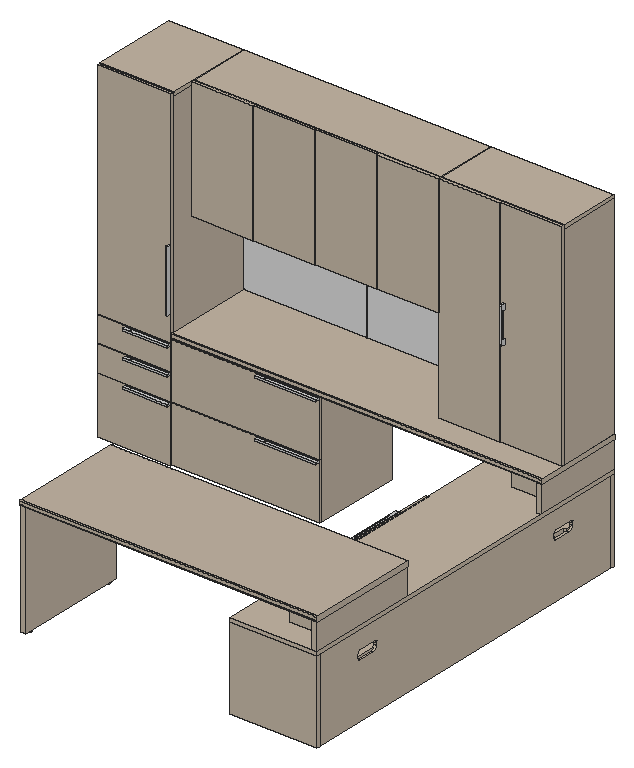
Revit family "FLT016", category Furniture, Revit 2015 (continued)
Definition of nested family "JSI-Flux-Wb_Pm_Ht"
  Dimensions and locks (in)
    aligned and locked: Extrusion 13 to plane 18
    aligned and locked: plane 20 to Extrusion 13
    aligned and locked: Extrusion 19 sketch curve to plane 57
    aligned and locked: Extrusion 19 sketch curve to plane 58
    aligned and locked: Extrusion 19 sketch curve to plane 41
    aligned and locked: Extrusion 19 sketch curve to plane 42
    aligned and locked: Extrusion 19 to plane 13
    aligned and locked: plane 12 to Extrusion 19
    aligned and locked: Extrusion 20 sketch curve to plane 49
    aligned and locked: Extrusion 20 sketch curve to plane 50
    aligned and locked: Extrusion 20 sketch curve to plane 62
    aligned and locked: Extrusion 20 sketch curve to plane 63
    aligned and locked: plane 44 to Extrusion 20
    aligned and locked: Extrusion 20 to plane 43
    aligned and locked: Extrusion 21 sketch curve to plane 60
    aligned and locked: Extrusion 21 sketch curve to plane 61
    aligned and locked: Extrusion 21 sketch curve to plane 62
    aligned and locked: Extrusion 21 sketch curve to plane 63
    aligned and locked: plane 46 to Extrusion 21
    aligned and locked: Extrusion 21 to plane 45
    aligned and locked: Extrusion 22 sketch curve to plane 53
    aligned and locked: Extrusion 22 sketch curve to plane 54
    aligned and locked: Extrusion 22 sketch curve to plane 62
    aligned and locked: Extrusion 22 sketch curve to plane 63
    aligned and locked: plane 48 to Extrusion 22
    aligned and locked: Extrusion 22 to plane 47
    aligned and locked: Extrusion 23 sketch curve to plane 12
    aligned and locked: Extrusion 23 sketch curve to plane 62
    aligned and locked: Extrusion 23 sketch curve to plane 63
    aligned and locked: Extrusion 23 sketch curve to plane 50
    aligned and locked: plane 65 to Extrusion 23
    aligned and locked: Extrusion 23 to plane 64
    aligned and locked: plane 66 to nested 2
    aligned and locked: plane 68 to nested 2
    aligned and locked: plane 67 to nested 2
    aligned and locked: nested 3 to plane 69
    aligned and locked: nested 4 to plane 70
    aligned and locked: nested 5 to plane 71
    aligned and locked: plane 72 to nested 3
    aligned and locked: plane 73 to nested 4
    aligned and locked: plane 74 to nested 5
    aligned and locked: plane 77 to nested 6
    aligned and locked: plane 75 to nested 6
    aligned and locked: plane 77 to nested 7
    aligned and locked: plane 76 to nested 7
    aligned and locked: plane 26 to nested 3
    aligned and locked: nested 4 to plane 26
    aligned and locked: plane 26 to nested 5
    aligned and locked: plane 26 to nested 6
    aligned and locked: plane 26 to nested 7
    aligned and locked: plane 16 to Extrusion 1
    aligned and locked: plane 16 to Extrusion 2
    aligned and locked: curve 15 to plane 28
    aligned and locked: curve 16 to plane 40
    aligned and locked: curve 17 to plane 26
    aligned and locked: curve 18 to plane 29
    aligned and locked: plane 58 to curve 24
    aligned and locked: plane 40 to curve 23
    aligned and locked: plane 26 to curve 24
    aligned and locked: plane 72 to nested 8
    aligned and locked: nested 8 to plane 78
    aligned and locked: Extrusion 24 sketch curve to plane 57
    aligned and locked: Extrusion 24 sketch curve to plane 58
    aligned and locked: Extrusion 24 sketch curve to plane 79
    aligned and locked: Extrusion 24 sketch curve to plane 80
    aligned and locked: plane 12 to Extrusion 24
    aligned and locked: Extrusion 24 to plane 49
    aligned and locked: curve 25 to plane 57
    aligned and locked: curve 26 to plane 58
    aligned and locked: plane 40 to curve 26
    aligned and locked: plane 26 to curve 26
    aligned and locked: plane 26 to curve 27
    aligned and locked: plane 40 to curve 28
  Automatic sketch dimensions
    Extrusion 8 sketch curve to plane 22 = 0' - 0"
    plane 25 to Extrusion 8 sketch curve = 0' - 0"
    Extrusion 9 sketch curve to plane 23 = 0' - 0"
    plane 25 to Extrusion 9 sketch curve = 0' - 0"
    Extrusion 10 sketch curve to plane 22 = 0' - 0"
    plane 24 to Extrusion 10 sketch curve = 0' - 0"
    Extrusion 11 sketch curve to plane 23 = 0' - 0"
    plane 24 to Extrusion 11 sketch curve = 0' - 0"
    plane 20 to Extrusion 1 sketch curve = 0' - 0"
    plane 20 to Extrusion 2 sketch curve = 0' - 0"
    plane 8 to curve 4 = 0' - 0"
    plane 18 to curve 14 = 0' - 0"
    plane 17 to curve 13 = 0' - 0"
    Extrusion 12 sketch curve to plane 9 = 0' - 0"
    Extrusion 13 sketch curve to plane 56 = 0' - 0"
  Nested families (in)
    nested 1: "Label 1-16" at (-27.03288, -11.0625, 0), type "DRWCFG"
    nested 2: "Hanger" at (-28.02501, -0.15625, 77.59375), Hngr L <- "Hngr_L", Hngr R <- "Hngr_R", Hanger Finish <- "Pull Finish", type "HNGR"
      with Hngr R no, Hngr L yes, Hanger Finish none
    nested 3: "Bar Pull CL" at (-32.97814, -11.0625, 26.73438), visible <- "Top_Pull", Pull Line <- "Top_Pull", Pull Finish <- "Pull Finish", type "PL"
      with Pull Line yes, Pull Finish none, Stud 0' - 1.54911", Pull Width 0' - 10 27/32"
    nested 4: "Bar Pull CL" at (-32.97814, -11.0625, 20.375), visible <- "C_Pull", Pull Line <- "C_Pull", Pull Finish <- "Pull Finish", type "PL"
      with Pull Line yes, Pull Finish none, Stud 0' - 1.54911", Pull Width 0' - 10 27/32"
    nested 5: "Bar Pull CL" at (-32.97814, -11.0625, 14.01563), visible <- "Bottom Pull", Pull Line <- "Bottom Pull", Pull Finish <- "Pull Finish", type "PL"
      with Pull Line yes, Pull Finish none, Stud 0' - 1.54911", Pull Width 0' - 10 27/32"
    nested 6: "Bar Pull V" at (-27.55626, -11.0625, 40.76563), Pull R <- "V_Pull_L_R", Pull L <- "V_Pull_L_L", Pull Finish <- "Pull Finish", type "PL"
      with Pull R no, Pull L no, Pull Finish none, Tuks Width 0' - 2.47396", Pull Width 1' - 2 27/32"
    nested 7: "Bar Pull V" at (-26.99376, -11.0625, 40.76563), Pull R <- "V_Pull_R_R", Pull L <- "V_Pull_R_L", Pull Finish <- "Pull Finish", type "PL"
      with Pull R no, Pull L yes, Pull Finish none, Tuks Width 0' - 2.47396", Pull Width 1' - 2 27/32"
    nested 8: "Bar Pull CL" at (-13.82189, -11.0625, 26.73438), Pull Finish <- "Pull Finish", visible <- "Top_2_Pull", Pull Line <- "Top_2_Pull", type "PL"
      with Pull Line no, Pull Finish none, Stud 0' - 1.54911", Pull Width 0' - 10 27/32"
  Definition of nested family "Hanger"
    Parameters
      Hngr L [instance] = yes
      Hngr R [instance] = yes
      Hanger Finish [instance] = none
    Reference planes (in)
      plane 1 "Center Front/Back": y = 0
      plane 2: z = 0
      plane 3 "Center Left/Right": x = 3.24213
    Forms (in)
      Extrusion 1, solid, material <- "Hanger Finish", visible <- "Hngr R"
        sketch origin (0, 0, -65.69959) x (1, 0, 0) y (0, 0, 1)
          loop
            line (3.24213, 65.32459) -> (3.24213, 63.58858)
            arc (3.24213, 63.58858) -> (3.7521, 62.87944) -> (4.58667, 63.13722) r 0.74803
            line (4.58667, 63.13722) -> (4.85512, 63.492) -> (4.73078, 63.58608) -> (4.45513, 63.2218)
            arc (4.45513, 63.2218) -> (3.83, 63.04103) -> (3.47835, 63.58858) r 0.54433
            line (3.47835, 63.58858) -> (3.55698, 64.7131)
            arc (3.55698, 64.7131) -> (3.65039, 65.09816) -> (3.86566, 65.43082) r 1.18359
            line (3.86566, 65.43082) -> (3.6823, 65.63583) -> (3.37377, 65.35987)
            arc (3.37377, 65.35987) -> (3.31215, 65.32654) -> (3.24213, 65.32459) r 0.15109
        from -0.46747 to 0.46747
      Extrusion 2, void
        sketch origin (3.24213, 0, -65.69959) x (0, 1, 0) y (0, 0, 1)
          loop
            line (0.46747, 65.91904) -> (0.30479, 62.81504) -> (0.46747, 62.81504) -> (0.46747, 65.91904)
          loop
            line (-0.46747, 65.91904) -> (-0.46747, 62.81504) -> (-0.30479, 62.81504) -> (-0.46747, 65.91904)
        from -1.75548 to 1.75581
      Extrusion 3, solid, material <- "Hanger Finish", visible <- "Hngr L"
        sketch origin (6.48425, 0, -65.69959) x (-1, 0, 0) y (0, 0, -1)
          loop
            arc (3.24213, -65.32459) -> (3.31215, -65.32654) -> (3.37377, -65.35987) r 0.15109
            line (3.37377, -65.35987) -> (3.6823, -65.63583) -> (3.86566, -65.43082)
            arc (3.86566, -65.43082) -> (3.65039, -65.09816) -> (3.55698, -64.7131) r 1.18359
            line (3.55698, -64.7131) -> (3.47835, -63.58858)
            arc (3.47835, -63.58858) -> (3.83, -63.04103) -> (4.45513, -63.2218) r 0.54433
            line (4.45513, -63.2218) -> (4.73078, -63.58608) -> (4.85512, -63.492) -> (4.58667, -63.13722)
            arc (4.58667, -63.13722) -> (3.7521, -62.87944) -> (3.24213, -63.58858) r 0.74803
            line (3.24213, -63.58858) -> (3.24213, -65.32459)
        from -0.46747 to 0.46747
    Cuts and joins
      Extrusion 2 cuts Extrusion 3
      Extrusion 2 cuts Extrusion 1
    Dimensions and locks (in)
      aligned and locked: level to plane 2
  Definition of nested family "Bar Pull CL"
    Parameters
      Stud = Pull Width / 7  # 0' - 2.12054"
      Pull Width = 1' - 2 27/32"
      Pull Line [instance] = yes
      Pull Finish [instance] = none
    Reference planes (in)
      plane 1 "Center Front/Back": y = 0
      plane 2: z = 0
      plane 3 "Center Left/Right": x = 3.24213
    Forms (in)
      Extrusion 1, solid, material <- "Pull Finish"
        sketch origin (0, 0, 0) x (1, 0, 0) y (0, 1, 0)
          loop
            line (-4.17975, 0) -> (-4.17975, -0.85113)
            arc (-4.17975, -0.85113) -> (-4.15229, -0.91742) -> (-4.086, -0.94488) r 0.09375
            line (-4.086, -0.94488) -> (10.58526, -0.94488)
            arc (10.58526, -0.94488) -> (10.64094, -0.92182) -> (10.664, -0.86614) r 0.07874
            line (10.664, -0.86614) -> (10.664, 0) -> (8.54347, 0) -> (8.54347, -0.70177)
            arc (8.54347, -0.70177) -> (8.50685, -0.79016) -> (8.41847, -0.82677) r 0.125
            line (8.41847, -0.82677) -> (-1.93421, -0.82677)
            arc (-1.93421, -0.82677) -> (-2.0226, -0.79016) -> (-2.05921, -0.70177) r 0.125
            line (-2.05921, -0.70177) -> (-2.05921, 0) -> (-4.17975, 0)
        from -0.43307 to -0.11811
      Extrusion 2, solid, material <- "Pull Finish"
        sketch origin (0, 0, 0) x (1, 0, 0) y (0, 1, 0)
          loop
            line (-4.17975, 0) -> (-4.17975, -0.85113)
            arc (-4.17975, -0.85113) -> (-4.15229, -0.91742) -> (-4.086, -0.94488) r 0.09375
            line (-4.086, -0.94488) -> (10.58526, -0.94488)
            arc (10.58526, -0.94488) -> (10.64094, -0.92182) -> (10.664, -0.86614) r 0.07874
            line (10.664, -0.86614) -> (10.664, 0) -> (-4.17975, 0)
        from 0 to -0.11811
    Cuts and joins
      joined: Extrusion 1, Extrusion 2
    Lines and regions (in)
      symbolic lines, visible <- "Pull Line"
        curve 1: line (-4.17975, 0, 0) -> (-4.17975, -0.85113, 0)
        curve 2: line (10.664, -0.86614, 0) -> (10.664, 0, 0)
        curve 3: line (-4.086, -0.94488, 0) -> (10.58526, -0.94488, 0)
        curve 4: arc (-4.17975, -0.85113, 0) -> (-4.15229, -0.91742, 0) -> (-4.086, -0.94488, 0) r 0.09375
        curve 5: arc (10.58526, -0.94488, 0) -> (10.64094, -0.92182, 0) -> (10.664, -0.86614, 0) r 0.07874
    Dimensions and locks (in)
      equal spacing: Extrusion 1 sketch curve, plane 3 "Center Left/Right", Extrusion 1 sketch curve
      "Stud": Extrusion 1 sketch curve to Extrusion 1 sketch curve  (x2)
      "Pull Width": Extrusion 1 sketch curve to Extrusion 1 sketch curve
      aligned and locked: level to plane 2
      aligned and locked: Extrusion 2 sketch curve to Extrusion 1  (x2)
      aligned and locked: cut or joined group of Extrusion 1, Extrusion 2 to curve 1
      aligned and locked: curve 4 to cut or joined group of Extrusion 1, Extrusion 2
      aligned and locked: curve 5 to cut or joined group of Extrusion 1, Extrusion 2
      aligned and locked: plane 1 "Center Front/Back" to curve 1
      aligned and locked: plane 1 "Center Front/Back" to curve 2
    Automatic sketch dimensions
      plane 1 "Center Front/Back" to Extrusion 2 sketch curve = 0' - 0"
      plane 1 "Center Front/Back" to Extrusion 1 sketch curve = 0' - 0"  (x2)
      Extrusion 1 sketch curve to Extrusion 1 sketch curve = 0' - 0 3/32"
      Extrusion 1 sketch curve to Extrusion 1 sketch curve = 0' - 0 1/8"  (x2)
      Extrusion 1 sketch curve to Extrusion 1 sketch curve = 0' - 0.07874"
      plane 1 "Center Front/Back" to Extrusion 1 sketch curve = 0' - 0.70177"
      Extrusion 1 sketch curve to Extrusion 1 sketch curve = 0' - 0.85113"
  Definition of nested family "Bar Pull V"
    Parameters
      Tuks Width = Pull Width / 6  # 0' - 2.47917"
      Pull Width = 1' - 2 7/8"
      Pull R [instance] = yes
      Pull L [instance] = yes
      Pull Finish [instance] = none
    Reference planes (in)
      plane 1 "Center Front/Back": y = 0
      plane 2: z = 0
      plane 3 "Center Left/Right": x = 3.24213
      plane 4: z = 7.4375
      plane 5: z = -7.4375
      plane 6: z = 4.95833
      plane 7: z = -4.95833
    Forms (in)
      Extrusion 1, solid, material <- "Pull Finish", visible <- "Pull R"
        sketch origin (3.24213, 0, 3.24963) x (0, 0, -1) y (0, 1, 0)
          loop
            line (-4.18787, 0) -> (-4.18787, -0.85113)
            arc (-4.18787, -0.85113) -> (-4.16041, -0.91742) -> (-4.09412, -0.94488) r 0.09375
            line (-4.09412, -0.94488) -> (10.60839, -0.94488)
            arc (10.60839, -0.94488) -> (10.66407, -0.92182) -> (10.68713, -0.86614) r 0.07874
            line (10.68713, -0.86614) -> (10.68713, 0) -> (8.20796, 0) -> (8.20796, -0.70177)
            arc (8.20796, -0.70177) -> (8.17135, -0.79016) -> (8.08296, -0.82677) r 0.125
            line (8.08296, -0.82677) -> (-1.5837, -0.82677)
            arc (-1.5837, -0.82677) -> (-1.67209, -0.79016) -> (-1.7087, -0.70177) r 0.125
            line (-1.7087, -0.70177) -> (-1.7087, 0) -> (-4.18787, 0)
        from -0.43307 to -0.11811
      Extrusion 2, solid, material <- "Pull Finish", visible <- "Pull R"
        sketch origin (3.24213, 0, 3.24963) x (0, 0, -1) y (0, 1, 0)
          loop
            line (-4.18787, 0) -> (-4.18787, -0.85113)
            arc (-4.18787, -0.85113) -> (-4.16041, -0.91742) -> (-4.09412, -0.94488) r 0.09375
            line (-4.09412, -0.94488) -> (10.60839, -0.94488)
            arc (10.60839, -0.94488) -> (10.66407, -0.92182) -> (10.68713, -0.86614) r 0.07874
            line (10.68713, -0.86614) -> (10.68713, 0) -> (-4.18787, 0)
        from 0 to -0.11811
      Extrusion 3, solid, material <- "Pull Finish", visible <- "Pull L"
        sketch origin (3.24213, 0, 3.24963) x (0, 0, -1) y (0, -1, 0)
          loop
            line (-4.18787, 0) -> (-1.7087, 0) -> (-1.7087, 0.70177)
            arc (-1.7087, 0.70177) -> (-1.67209, 0.79016) -> (-1.5837, 0.82677) r 0.125
            line (-1.5837, 0.82677) -> (8.08296, 0.82677)
            arc (8.08296, 0.82677) -> (8.17135, 0.79016) -> (8.20796, 0.70177) r 0.125
            line (8.20796, 0.70177) -> (8.20796, 0) -> (10.68713, 0) -> (10.68713, 0.86614)
            arc (10.68713, 0.86614) -> (10.66407, 0.92182) -> (10.60839, 0.94488) r 0.07874
            line (10.60839, 0.94488) -> (-4.09412, 0.94488)
            arc (-4.09412, 0.94488) -> (-4.16041, 0.91742) -> (-4.18787, 0.85113) r 0.09375
            line (-4.18787, 0.85113) -> (-4.18787, 0)
        from -0.43307 to -0.11811
      Extrusion 4, solid, material <- "Pull Finish", visible <- "Pull L"
        sketch origin (3.24213, 0, 3.24963) x (0, 0, -1) y (0, -1, 0)
          loop
            line (-4.18787, 0) -> (10.68713, 0) -> (10.68713, 0.86614)
            arc (10.68713, 0.86614) -> (10.66407, 0.92182) -> (10.60839, 0.94488) r 0.07874
            line (10.60839, 0.94488) -> (-4.09412, 0.94488)
            arc (-4.09412, 0.94488) -> (-4.16041, 0.91742) -> (-4.18787, 0.85113) r 0.09375
            line (-4.18787, 0.85113) -> (-4.18787, 0)
        from 0 to -0.11811
    Cuts and joins
      joined: Extrusion 1, Extrusion 2
      joined: Extrusion 3, Extrusion 4
    Dimensions and locks (in)
      "Pull Width": plane 4 to plane 5
      "Tuks Width": plane 4 to plane 6
      "Tuks Width": plane 7 to plane 5
      equal spacing: plane 4, plane 2, plane 5
      aligned and locked: level to plane 2
      aligned and locked: Extrusion 2 sketch curve to Extrusion 1  (x2)
      aligned and locked: Extrusion 4 sketch curve to Extrusion 3  (x2)
      aligned and locked: plane 4 to cut or joined group of Extrusion 1, Extrusion 2  (x3)
      aligned and locked: plane 4 to cut or joined group of Extrusion 3, Extrusion 4
      aligned and locked: cut or joined group of Extrusion 1, Extrusion 2 to plane 6
      aligned and locked: cut or joined group of Extrusion 3, Extrusion 4 to plane 6
      aligned and locked: plane 7 to cut or joined group of Extrusion 1, Extrusion 2
      aligned and locked: cut or joined group of Extrusion 1, Extrusion 2 to plane 5
      aligned and locked: cut or joined group of Extrusion 3, Extrusion 4 to plane 5
    Automatic sketch dimensions
      Extrusion 1 sketch curve to plane 4 = 0' - 0"
      Extrusion 1 sketch curve to plane 6 = 0' - 0"
      Extrusion 1 sketch curve to plane 1 "Center Front/Back" = 0' - 0"  (x2)
      Extrusion 1 sketch curve to plane 7 = 0' - 0"
      Extrusion 1 sketch curve to plane 5 = 0' - 0"
      Extrusion 1 sketch curve to Extrusion 1 sketch curve = 0' - 0 3/32"
      Extrusion 1 sketch curve to plane 6 = 0' - 0 1/8"
      plane 7 to Extrusion 1 sketch curve = 0' - 0 1/8"
      plane 5 to Extrusion 1 sketch curve = 0' - 0.07874"
      plane 1 "Center Front/Back" to Extrusion 1 sketch curve = 0' - 0.70177"
      Extrusion 1 sketch curve to Extrusion 1 sketch curve = 0' - 0.85113"
      Extrusion 2 sketch curve to plane 4 = 0' - 0"
      Extrusion 2 sketch curve to plane 5 = 0' - 0"
      Extrusion 2 sketch curve to Extrusion 2 sketch curve = 0' - 0 3/32"
      Extrusion 2 sketch curve to Extrusion 2 sketch curve = 0' - 0.07874"
      Extrusion 3 sketch curve to plane 4 = 0' - 0"
      Extrusion 3 sketch curve to plane 6 = 0' - 0"
      Extrusion 3 sketch curve to plane 1 "Center Front/Back" = 0' - 0"  (x2)
      Extrusion 3 sketch curve to plane 7 = 0' - 0"
      Extrusion 3 sketch curve to plane 5 = 0' - 0"
      Extrusion 3 sketch curve to plane 4 = 0' - 0 3/32"
      Extrusion 3 sketch curve to plane 6 = 0' - 0 1/8"
      plane 7 to Extrusion 3 sketch curve = 0' - 0 1/8"
      plane 5 to Extrusion 3 sketch curve = 0' - 0.07874"
      plane 1 "Center Front/Back" to Extrusion 3 sketch curve = 0' - 0.70177"
      Extrusion 3 sketch curve to Extrusion 3 sketch curve = 0' - 0.85113"
      Extrusion 4 sketch curve to plane 4 = 0' - 0"
      Extrusion 4 sketch curve to plane 5 = 0' - 0"
      Extrusion 4 sketch curve to plane 4 = 0' - 0 3/32"
      Extrusion 4 sketch curve to Extrusion 4 sketch curve = 0' - 0.07874"
  Definition of nested family "Label 1-16"
    Parameters
      Model Name = "BF - BF - BF"
    Reference planes (in)
      plane 1: y = 0
      plane 2: x = 0
    Text (in)
      label "XX" at (0.00051, -0.12324, 0), shows "Model Name"
